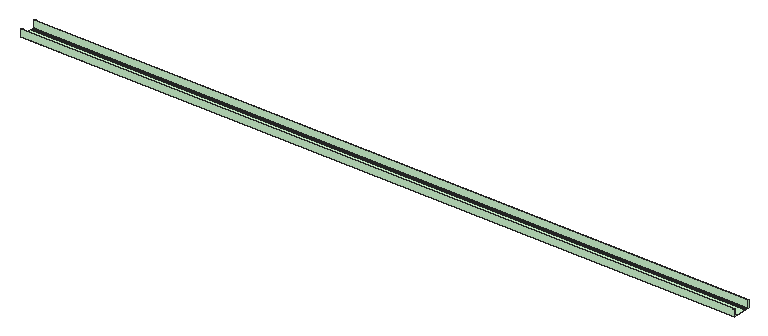
Revit family "runner_wr90", category 機械設備, Revit 2022
Family settings
  丸型コネクタ寸法 = 直径を使用
  種別 = なし
  パーツ タイプ = 標準
  作業面ベース = いいえ
  常に垂直 = はい
  ロード時にボイドで切り取り = いいえ
  注釈の向きを維持 = いいえ
  共有 = いいえ
  部屋計算ポイント = いいえ
Parameters
  製造元 = "株式会社桐井製作所"
  既定の高さ = 0 mm
  URL = "https://www.kirii.co.jp/"
  K_長さ(mm) [instance] = 4000 mm
  K_材質 = "SGCCまたはSGHC　一般用"
  K_断面積A(mm2) = 135.5
  K_断面係数Zy(mm3) = 3928
  K_断面係数Zx(mm3) = 708.8
  K_断面2次半径iy(mm) = 36.5
  K_断面2次半径ix(mm) = 12.6
  K_断面2次モーメントIy(mm4) = 180700
  K_断面2次モーメントIx(mm4) = 21510
  K_外形寸法(mm) = "92×40×0.8"
  K_品名 = "WR-90"
  K_名称 = "ランナー"
  K_単位質量(kg/m) = 1.095
  K_ヤング係数E(N/mm2) = 205000
  K_バージョン情報 = "20210524"
  K_めっき付着量 = "Z12"
  K_JIS規格 = "JIS G 3302"
  K_JIS外 = not(K_JIS)  # no
  K_JIS = yes
Reference planes
  plane 1 "中心(正面/背面)": y = 0
  plane 2: z = 0
  plane 3 "中心(左/右)": x = 0
  plane 4: x = 4000
  plane 5: y = 48.5
  plane 6: y = -48.5
Forms (mm)
  Extrusion 1, solid
    sketch origin (0, 0, 0) x (0, 1, 0) y (0, 0, 1)
      loop
        line (28.5, 0) -> (29.3, 0.8) -> (37.7, 0.8) -> (38.5, 0) -> (48.5, 0) -> (48.5, 39.981) -> (47.7, 39.981) -> (47.7, 0.8) -> (38.831, 0.8) -> (38.031, 1.6) -> (28.969, 1.6) -> (28.169, 0.8) -> (-28.169, 0.8) -> (-28.969, 1.6) -> (-38.031, 1.6) -> (-38.831, 0.8) -> (-47.7, 0.8) -> (-47.7, 39.962) -> (-48.5, 39.962) -> (-48.5, 0) -> (-38.5, 0) -> (-37.7, 0.8) -> (-29.3, 0.8) -> (-28.5, 0) -> (28.5, 0)
    from 0 to 4000
Dimensions and locks
  "K_長さ(mm)": plane 3 "中心(左/右)" to plane 4
  equal spacing: plane 6, plane 1 "中心(正面/背面)", plane 5
  plane 6 to plane 5 = 97 mm
  locked: Extrusion 1 to Extrusion 1 at 0.8  (x2)
  aligned and locked: level to plane 2
  aligned and locked: plane 4 to Extrusion 1
  aligned and locked: plane 5 to Extrusion 1
  aligned and locked: Extrusion 1 to plane 6
Automatic sketch dimensions
  Extrusion 1 sketch curve to plane 6 = 0 mm
  Extrusion 1 sketch curve to level = 0 mm  (x3)
  Extrusion 1 sketch curve to plane 5 = 0 mm
  plane 6 to Extrusion 1 sketch curve = 0.8 mm
  level to Extrusion 1 sketch curve = 0.8 mm  (x5)
  Extrusion 1 sketch curve to Extrusion 1 sketch curve = 8.869 mm
  Extrusion 1 sketch curve to Extrusion 1 sketch curve = 0.331 mm  (x8)
  level to Extrusion 1 sketch curve = 1.6 mm  (x2)
  Extrusion 1 sketch curve to Extrusion 1 sketch curve = 0.8 mm  (x4)
  Extrusion 1 sketch curve to Extrusion 1 sketch curve = 8.4 mm  (x2)
  Extrusion 1 sketch curve to plane 5 = 20.331 mm
  Extrusion 1 sketch curve to plane 5 = 0.8 mm
  Extrusion 1 sketch curve to Extrusion 1 sketch curve = 39.162 mm
  Extrusion 1 sketch curve to Extrusion 1 sketch curve = 39.181 mm
